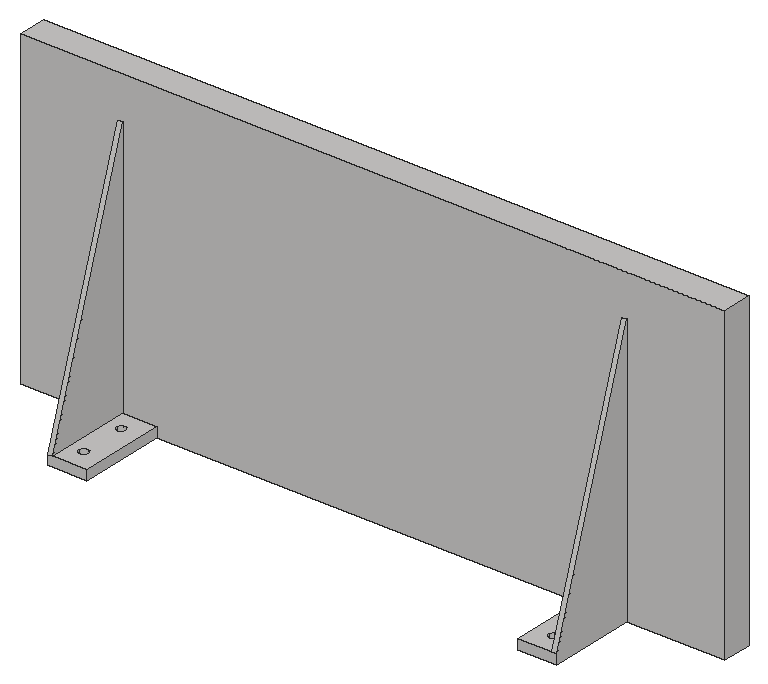
Revit family "Stainless_Steel_Shelf-Wall_Mounted-Bobrick-298_Series", category Plumbing Fixtures, host Face, Revit 2016
Family settings
  Host = Face
  Part Type = Normal
  Round Connector Dimension = Use Diameter
  Cut with Voids When Loaded = No
  Shared = Yes
  Room Calculation Point = No
Parameters (values of type "B-298x18")
  Width = 8"
  Waste Connection = no
  Warranty Information = "3 Years Warranty"
  WFU = 0
  Vent Connection = no
  URL = "http://bobrick.com/Pages/default.aspx"
  Type Comments = ""
  Revised Date = ""
  Product Page URL = "http://bobrick.com/washroomaccessories/Pages/ProductDetails.aspx?Product+Number=B-298+x+18"
  Product Documentation Link = "http://bobrick.com/Documents/B-298_td.pdf"
  Price = "Prices may vary. Please consult Manufacturer Representative for most up-to-date price list."  # constant formula
  Model = "B-298"
  Material = "Stainless Steel, Satin Finish"
  Manufacturer = "Bobrick"
  Length = 18"
  Installation Type = "Wall Mounted"
  Height = 3"
  HWFU = 0
  HW Connection = no
  Description = "Shelf shall be type-304, 18-gauge (1.2mm) stainless steel with satin finish. Mounting brackets, welded to shelf."
  Default Elevation = 40"
  Creation Date = "2/11/2016"
  CWFU = 0
  CW Connection = no
  Assembly Code = ""
  ADA Compliant = yes
Types (3): name | Length
  (no name) | 18"
  B-298x18 | 18"
  B-298x24 | 24"
Reference planes (in)
  plane 1 "Center (Front/Back)": y = 0
  plane 2: z = 0
  plane 3 "Center (Left/Right)": x = 0
  plane 4: y = -3
  plane 5: x = -9
  plane 6: y = -0.75
  plane 7: x = 9
  plane 8: x = 6
  plane 9: y = -1.875
  plane 10: x = 5.5
  plane 11: x = 6.5
  plane 12: x = -6
  plane 13: y = -1.875
  plane 14: x = -5.5
  plane 15: x = -6.5
  plane 16: x = -6
  plane 17: x = 6
  plane 18: x = -6.37837
  plane 19: x = 6.37837
Forms (in)
  Extrusion 1, solid, material "Stainless Steel"
    sketch origin (0, 0, 0) x (1, 0, 0) y (0, 1, 0)
      loop
        line (-9, 0) -> (-9, -0.75) -> (9, -0.75) -> (9, 0) -> (-9, 0)
    from 0 to 8
  Extrusion 2, solid, material "Stainless Steel"
    sketch origin (-2.25, 0, 0) x (1, 0, 0) y (0, 1, 0)
      loop
        line (8.75, -0.75) -> (7.75, -0.75) -> (7.75, -3) -> (8.75, -3) -> (8.75, -0.75)
      loop
        circle (8.25, -1.2749) r 0.11893
      loop
        circle (8.25, -2.4751) r 0.11893
    from 0 to 0.25
  Extrusion 3, solid, material "Stainless Steel"
    sketch origin (0, 0, 0) x (0, 1, 0) y (0, 0, 1)
      loop
        line (-3, 0.25) -> (-0.75, 0.25) -> (-0.75, 6.92165) -> (-3, 0.25)
    from 6.5 to 6.37837
  Extrusion 4, solid, material "Stainless Steel"
    sketch origin (2.25, 0, 0) x (-1, 0, 0) y (0, -1, 0)
      loop
        line (8.75, 0.75) -> (8.75, 3) -> (7.75, 3) -> (7.75, 0.75) -> (8.75, 0.75)
      loop
        circle (8.25, 1.2749) r 0.11893
      loop
        circle (8.25, 2.4751) r 0.11893
    from 0 to 0.25
  Extrusion 5, solid, material "Stainless Steel"
    sketch origin (0, 0, 0) x (0, 1, 0) y (0, 0, -1)
      loop
        line (-3, -0.25) -> (-0.75, -6.92165) -> (-0.75, -0.25) -> (-3, -0.25)
    from 6.5 to 6.37837
Cuts and joins
  joined: Extrusion 1, Extrusion 2, Extrusion 3, Extrusion 4, Extrusion 5
Dimensions and locks (in)
  "Length": plane 5 to plane 7
  equal spacing: plane 5, plane 3 "Center (Left/Right)", plane 7
  locked: plane 5 to plane 16 at 3
  locked: plane 17 to plane 7 at 3
  locked: plane 15 to plane 16 at 0.5
  locked: plane 16 to plane 14 at 0.5
  locked: plane 10 to plane 17 at 0.5
  locked: plane 17 to plane 11 at 0.5
  locked: plane 15 to plane 18 at 0.12163
  locked: plane 11 to plane 19 at 0.12163
  aligned and locked: plane 2 to host face
  aligned and locked: level to host face
  aligned and locked: Extrusion 4 sketch curve to plane 14
  aligned and locked: plane 6 to Extrusion 4 sketch curve
  aligned and locked: Extrusion 4 sketch curve to plane 4
  aligned and locked: Extrusion 4 sketch curve to plane 15
  aligned and locked: plane 18 to cut or joined group of Extrusion 1, Extrusion 2, Extrusion 3, Extrusion 4, Extrusion 5
  aligned and locked: plane 15 to cut or joined group of Extrusion 1, Extrusion 2, Extrusion 3, Extrusion 4, Extrusion 5
  aligned and locked: plane 10 to Extrusion 2 sketch curve
  aligned and locked: plane 11 to Extrusion 2 sketch curve
  aligned and locked: Extrusion 2 sketch curve to plane 6
  aligned and locked: plane 4 to Extrusion 2 sketch curve
  aligned and locked: plane 8 to Extrusion 2 sketch curve
  aligned and locked: plane 17 to Extrusion 2 sketch curve
  aligned and locked: cut or joined group of Extrusion 1, Extrusion 2, Extrusion 3, Extrusion 4, Extrusion 5 to plane 19
  aligned and locked: plane 11 to cut or joined group of Extrusion 1, Extrusion 2, Extrusion 3, Extrusion 4, Extrusion 5
  aligned and locked: plane 16 to Extrusion 4 sketch curve  (x2)
  aligned and locked: plane 17 to plane 8
Automatic sketch dimensions
  host sketch curve to host sketch curve = 96"  (x2)
  Extrusion 1 sketch curve to plane 5 = 0"
  plane 6 to Extrusion 1 sketch curve = 0"
  Extrusion 1 sketch curve to plane 7 = 0"
  plane 1 "Center (Front/Back)" to Extrusion 1 sketch curve = 0"
  Extrusion 2 sketch curve to plane 4 = 0.5249"
  plane 6 to Extrusion 2 sketch curve = 0.5249"
  Extrusion 3 sketch curve to plane 4 = 0"
  Extrusion 3 sketch curve to plane 6 = 0"
  level to Extrusion 3 sketch curve = 1/4"
  Extrusion 3 sketch curve to Extrusion 3 sketch curve = 6.67165"
  plane 4 to Extrusion 4 sketch curve = 0.5249"
  Extrusion 4 sketch curve to plane 6 = 0.5249"
  Extrusion 5 sketch curve to plane 4 = 0"
  Extrusion 5 sketch curve to plane 6 = 0"
  level to Extrusion 5 sketch curve = 6.92165"
  level to Extrusion 5 sketch curve = 1/4"
  radius of Extrusion 2 sketch curve = 0.11893"  (x2)
  radius of Extrusion 4 sketch curve = 0.11893"  (x2)
